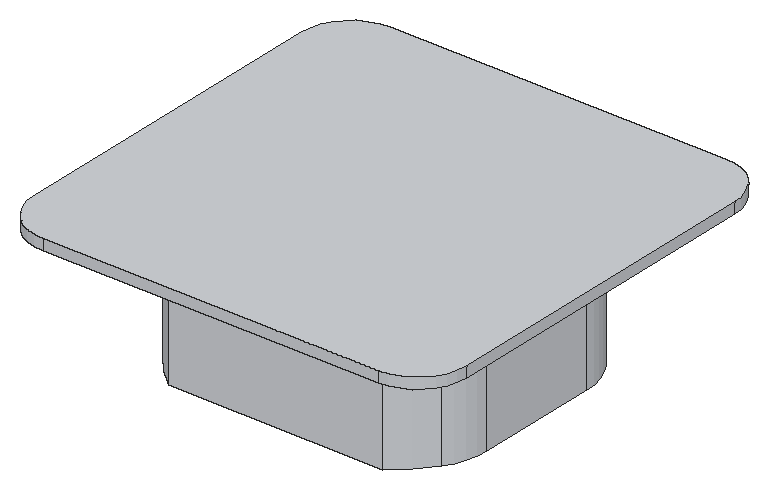
Revit family "Gira_057000", category Generic Models, host Face, Revit 2017
Family settings
  Host = Face
  Can host rebar = No
  Round Connector Dimension = Use Diameter
  Part Type = Normal
  Cut with Voids When Loaded = No
  Shared = No
  Room Calculation Point = No
Parameters (values of type "Bus coup. KNX insert")
  URL = "https://www.gira.de/"
  Type of fastening = "Mounting with claw and screw"
  Type Comments = ""
  Model = ""
  Manufacturer = "Gira"
  Keynote = ""
  HeinzeBIM = "https://www.heinze.de/bim/bus-coup-knx-insert/bc3e54458c7a90461a68c8f00fad60ed08584449"
  HAN = "057000"
  GTIN = "4010337570004"
  Description = "Ins.bus coup. KNX Insert for KNX bus coupler, Features: - The bus coupler is the interface between the bus and the KNX application module, such as an Info Display, data interface RS232, or automatic control switch. - The bus coupler can receive, send, and evaluate messages. - The bus coupler contains the address, the system program, and user-specific programs. - Programming the physical address is authorised by pressing the programming button. - Status display via red programming LED.,Notes : - For device box with screw attachment only."
  Default Elevation = 1219.2 mm
  Cost = 0
  BIMSITE_PRODUCT_ID = "bc3e54458c7a90461a68c8f00fad60ed08584449"
  BIM = "https://media.live.bim.site/t/eyJhbGciOiJIUzI1NiIsInR5cCI6IkpXVCJ9.eyJjdCI6MSwidGYiOiJwdWJsaWMvZ2lyYS8wOWY1ZGI1L0VpbnNhdHpfMWZhY2gucmZhIiwiY2lkIjoiZmVkOThlOWEtMWJkOC00YzY4LWE3M2ItNzRhOTRlMzE1ODIzIiwicmlkIjoiZWVmZDkzMTc4MjZmODQyYTE5YzY4ZTdjZjAwNGE2YWYiLCJwaWQiOiJiYzNlNTQ0NThjN2E5MDQ2MWE2OGM4ZjAwZmFkNjBlZDA4NTg0NDQ5Iiwic2lkIjoiNjM0NzAiLCJ1dCI6NSwibGMiOiJlbiIsImlhdCI6MTYwNzQzMDU4NSwiaXNzIjoiaHR0cHM6Ly9hcGkubGl2ZS5iaW0uc2l0ZSIsInN1YiI6IjhkM2FhNWNiLWUwNjYtNDU5OC1iZTE2LTZlMTZlZTc0OTU2YSJ9.SUUrzVR5lFi9rzNUHm3oZCQhRz9nmybAIMqhGJKFr5o/Einsatz_1fach.rfa"
  Assembly Code = ""
Reference planes
  plane 1 "Center (Front/Back)": y = 0
  plane 2: z = 0
  plane 3 "Center (Left/Right)": x = 0
Forms (mm)
  Extrusion 1, solid, detail levels fine
    sketch origin (0, 0, 0) x (1, 0, 0) y (0, 1, 0)
      loop
        line (27.475, 35.475) -> (-27.475, 35.475)
        arc (-27.475, 35.475) -> (-33.132, 33.132) -> (-35.475, 27.475) r 8
        line (-35.475, 27.475) -> (-35.475, -27.475)
        arc (-35.475, -27.475) -> (-33.132, -33.132) -> (-27.475, -35.475) r 8
        line (-27.475, -35.475) -> (27.475, -35.475)
        arc (27.475, -35.475) -> (33.132, -33.132) -> (35.475, -27.475) r 8
        line (35.475, -27.475) -> (35.475, 27.475)
        arc (35.475, 27.475) -> (33.132, 33.132) -> (27.475, 35.475) r 8
    from 0 to 1.8
  Extrusion 2, solid, detail levels fine
    sketch origin (0, 0, 0) x (1, 0, 0) y (0, 1, 0)
      loop
        line (9.678, 25.4) -> (-9.678, 25.4)
        arc (-9.678, 25.4) -> (-12.885, 24.922) -> (-15.814, 23.53) r 11
        arc (-15.814, 23.53) -> (-17.795, 22.07) -> (-19.641, 20.444) r 28.35
        arc (-19.641, 20.444) -> (-21.339, 18.665) -> (-22.876, 16.745) r 28.35
        arc (-22.876, 16.745) -> (-24.456, 13.666) -> (-25, 10.248) r 11
        line (-25, 10.248) -> (-25, -10.248)
        arc (-25, -10.248) -> (-24.456, -13.666) -> (-22.876, -16.745) r 11
        arc (-22.876, -16.745) -> (-20.409, -19.677) -> (-17.569, -22.25) r 28.35
        line (-17.569, -22.25) -> (17.569, -22.25)
        arc (17.569, -22.25) -> (20.409, -19.677) -> (22.876, -16.745) r 28.35
        arc (22.876, -16.745) -> (24.456, -13.666) -> (25, -10.248) r 11
        line (25, -10.248) -> (25, 10.248)
        arc (25, 10.248) -> (24.456, 13.666) -> (22.876, 16.745) r 11
        arc (22.876, 16.745) -> (21.593, 18.37) -> (20.195, 19.897) r 28.35
        arc (20.195, 19.897) -> (18.096, 21.823) -> (15.814, 23.53) r 28.35
        arc (15.814, 23.53) -> (12.885, 24.922) -> (9.678, 25.4) r 11
    from 0 to -22
  Extrusion 3, solid, detail levels medium
    sketch origin (0, 0, 0) x (1, 0, 0) y (0, 1, 0)
      loop
        line (-25, 25.4) -> (-25, -22.25) -> (25, -22.25) -> (25, 25.4) -> (-25, 25.4)
    from 0 to -22
  Extrusion 4, solid, detail levels coarse
    sketch origin (0, 0, 0) x (1, 0, 0) y (0, 1, 0)
      loop
        line (35.475, 35.475) -> (-35.475, 35.475) -> (-35.475, -35.475) -> (35.475, -35.475) -> (35.475, 35.475)
    from -22 to 1.8
  Extrusion 5, solid, detail levels medium
    sketch origin (0, 0, 0) x (1, 0, 0) y (0, 1, 0)
      loop
        line (35.475, 35.475) -> (-35.475, 35.475) -> (-35.475, -35.475) -> (35.475, -35.475) -> (35.475, 35.475)
    from 0 to 1.8
Dimensions and locks
  aligned and locked: plane 2 to host face
  aligned and locked: level to host face
Connectors
  electrical at (0, 0, -22)
    settings: on Extrusion 4, index 1, voltage 220 V, apparent load 0 VA, apparent load phase1 0 VA, apparent load phase2 0 VA, apparent load phase3 0 VA, power factor 1, load classification "Other", number of poles 1, system type 30, power factor state 1, is connector primary yes, connector utility no, sub classification motor no, connector description ""
